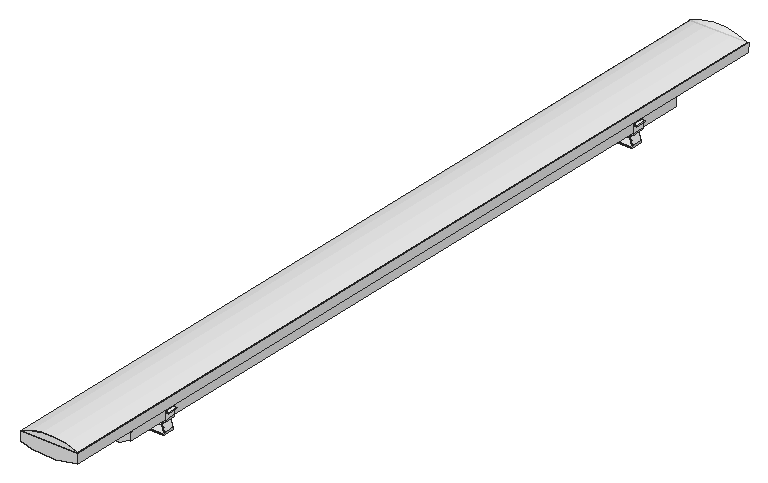
Revit family "Lighting-Industriale-GEWISS-SMART[3]PLUS-PLAFONIERA-LED_TRANSPARENTE_FASCIOMEDIO_1600mm", category Apparecchi per illuminazione, host Superficie, Revit 2019
Family settings
  Host = Superficie
  Quota connettore circolare = Usa diametro
  Tipo di parte = Normale
  Taglio con vuoti quando caricato = No
  Sorgente d'illuminazione = Sì
  Condiviso = No
  Punto di calcolo locali = No
Parameters (values of type "GWS3323AC957 - SMART3 PLUS 1600 T.W.DALI HE CONC 9 57")
  Wattage = 27 W
  Visibilità simbolo [instance] = yes
  Visibilità pianta [instance] = not(Visibilità simbolo)  # no
  Visibilità etichetta [instance] = yes
  Versione file RFA = "20.0"
  Variazione temperatura colore lampada con luminosità attenuata = (empty or 0)
  URL = "https://www.gewiss.com/it/it"
  Tipologia sorgente luminosa = "LED - Non sostituibile"
  Tipologia = "DALI"
  Tipo alimentatore = ""
  Tensione = "220-240 V "
  Temperatura di utilizzo = "-25 +50 °C"
  Temperatura di funzionamento = "-25 +50 °C"
  Temperatura di colore: = "5700 K (CRI > 90)"
  Temperatura di colore = "5700 K (CRI > 90)"
  Schermo = "Trasparente"
  Scheda Tecnica = "https://www.gewiss.com/it/it/search?q=GWS3323AC957"
  SEO = "Plafoniera"
  Resistenza agli urti = "IK08"
  Potenza di sistema = "50 W"
  Peso (kg): = ""
  NÂ° LED (#) = ""
  Numero poli = 2
  built-in parameter 1150107 = 5700 (stored number, unit not read)
  Struttura = GRIGIO
  Stampa 1_200 = no
  Stampa 1_100 = not(Stampa 1_200)  # yes
  Spostamento_Y_etichetta [instance] = 0 mm
  Spostamento_Y_effettivo_etichetta [instance] = 1500 mm - Spostamento_Y_etichetta  # 1500 mm
  Spostamento_X_etichetta [instance] = 0 mm
  Spostamento_X_effettivo_etichetta [instance] = 1500 mm - Spostamento_X_etichetta  # 1500 mm
  Schermo. = Led Acceso
  Default Elevation = 1219.2 mm
  Produttore = "GEWISS S.p.A."
  built-in parameter 1150110 = 1 (stored number, unit not read)
  built-in parameter 1150109 = 1 (stored number, unit not read)
  built-in parameter 1114218 = 1 (stored number, unit not read)
  built-in parameter 1150112 = 1 (stored number, unit not read)
  Modello = "GWS3323AC957"
  built-in parameter 1150137 = (empty or 0)
  built-in parameter 1150132 = (empty or 0)
  Lunghezza Lampada = 1600 mm  # constant formula
  Lunghezza = "1600 mm"
  Lumen output (lm) = "5600"
  Lampada: = "LED"
  Lampada = "LED"
  LED LifeTime (L80B20) = ""
  LED Life time (L90B50) = ""
  LED Life time (L80B50) = ""
  LED Life time (L70) = ""
  built-in parameter 1150105 = 1406.7 (stored number, unit not read)
  built-in parameter 1150102 = (empty or 0)
  Type Image = GWS3280TS.jpg
  built-in parameter 1150106 = 14.067 (stored number, unit not read)
  IFC.TypeObject = ""
  IFC.ExportType = ""
  IFC.ExportAs = ""
  IDT = "fe96ae85-68db-4e0d-8c9b-145f0d7eb605"
  IDF = "b404d7be-e00a-44e9-bc86-c84b1d72c067"
  Grado di protezione = "IP66/IP69"
  Glow Wire Test = "850°C"
  Garanzia = "5 anni"
  Ganci = Alluminio
  Flusso nominale (lm) = ""
  Lumens = 4010.63 lm
  Color Filter = 16777215
  File diagramma fotometrico = "GWS3323AC957.IES"
  built-in parameter 1114217 = 1 (stored number, unit not read)
  built-in parameter 1150139 = (empty or 0)
  Failure rate apparecchio (50.000h, Tq=25Â° C) = ""
  Failure rate apparecchio (35.000h, Tq=35Â° C) = ""
  Emetti da lunghezza linea = 1200 mm
  built-in parameter 1150104 = 13.8 (stored number, unit not read)
  built-in parameter 1150115 = 1 (stored number, unit not read)
  built-in parameter 1150114 = 1 (stored number, unit not read)
  built-in parameter 1150113 = 1 (stored number, unit not read)
  Descrizione = "SMART3 PLUS 1600 T.W.DALI HE CONC 9 57"
  Creato da GEWISS S.p.A. = ""
  Commenti sul wattaggio = "67W"
  built-in parameter 1150134 = (empty or 0)
  built-in parameter 1150138 = (empty or 0)
  Codice Electrocod = "2434"
  Codice EAN = ""
  Classe isolamento = "II"
  Classe di efficienza LED integrati = "A ÷ A++"
  Catalogo Serie = "SMART[3] PLUS"
  Catalogo = "LIGHTING"
  Carico apparente = 67 VA
  COBie.Tagnumber = ""
  COBie.CreatedOn = ""
  COBie.CreatebBy = ""
  COBie.ComponentRegisterItemID = ""
  COBie.Component.TagNumber = ""
  COBie.Component.Space = ""
  COBie.Component.SerialNumber = ""
  COBie.Component.InstallationDate = ""
  COBie.Component.Description = ""
  COBie.Component.BarCode = ""
  Applicazione = "Interno"
  Apparecchio a ridotta temperatura superficiale = ""
  Tilt Angle = -90.00°
  built-in parameter 1150133 = 10 (stored number, unit not read)
Types (24, lengths in mm): name | Tipologia | Temperatura di colore: | Temperatura di colore | Scheda Tecnica | Potenza di sistema | Modello | Lumen output (lm) | Type Image | IDT | File diagramma fotometrico | Descrizione | Commenti sul wattaggio | Carico apparente
  GWS3320AC840 - SMART3 PLUS 1600 ON/OFF HE CONC 8 40 | "" | "4000 K (CRI > 80)" | "4000 K (CRI > 80)" | "https://www.gewiss.com/it/it/search?q=GWS3320AC840" | "46 W" | "GWS3320AC840" | "7100" | GWS3158T.jpg | "4e16074b-60fb-4690-891f-0d0e9b82759d" | "GWS3320AC840.IES" | "SMART3 PLUS 1600 ON/OFF HE CONC 8 40" | "26W" | 26 VA
  GWS3320AC857 - SMART3 PLUS 1600 ON/OFF HE CONC 8 57 | "" | "5700 K (CRI > 80)" | "5700 K (CRI > 80)" | "https://www.gewiss.com/it/it/search?q=GWS3320AC857" | "46 W" | "GWS3320AC857" | "7100" | GWS3158T30K.jpg | "1bf7ec6a-44c7-4c5d-ba53-e58595a32ed7" | "GWS3320AC857.IES" | "SMART3 PLUS 1600 ON/OFF HE CONC 8 57" | "26W" | 26 VA
  GWS3320AC930 - SMART3 PLUS 1600 ON/OFF HE CONC 9 30 | "" | "3000 K (CRI > 90)" | "3000 K (CRI > 90)" | "https://www.gewiss.com/it/it/search?q=GWS3320AC930" | "46 W" | "GWS3320AC930" | "5200" | GWS3158T57K.jpg | "23f2d587-7158-4430-a323-84fc0576cf1a" | "GWS3320AC930.IES" | "SMART3 PLUS 1600 ON/OFF HE CONC 9 30" | "26W" | 26 VA
  GWS3321AC940 - SMART3 PLUS 1600 DALI HE CONC 9 40 | "DALI" | "4000 K (CRI > 90)" | "4000 K (CRI > 90)" | "https://www.gewiss.com/it/it/search?q=GWS3321AC940" | "50 W" | "GWS3321AC940" | "5600" | GWS3258T.jpg | "b3f93086-f2e0-4f74-b864-423c59267282" | "GWS3321AC940.IES" | "SMART3 PLUS 1600 DALI HE CONC 9 40" | "53W" | 53 VA
  GWS3321AC957 - SMART3 PLUS 1600 DALI HE CONC 9 57 | "DALI" | "5700 K (CRI > 90)" | "5700 K (CRI > 90)" | "https://www.gewiss.com/it/it/search?q=GWS3321AC957" | "50 W" | "GWS3321AC957" | "5600" | GWS3258T30K.jpg | "823e744c-6d69-4963-9b1a-c0a7402dbd61" | "GWS3321AC957.IES" | "SMART3 PLUS 1600 DALI HE CONC 9 57" | "53W" | 53 VA
  GWS3322AC830 - SMART3 PLUS 1600 T.W.ON/OFF HE CONC 8 30 | "" | "3000 K (CRI > 80)" | "3000 K (CRI > 80)" | "https://www.gewiss.com/it/it/search?q=GWS3322AC830" | "46 W" | "GWS3322AC830" | "6700" | GWS3258T57K.jpg | "1233350b-b1fb-4b20-afc7-75da49a887a7" | "GWS3322AC830.IES" | "SMART3 PLUS 1600 T.W.ON/OFF HE CONC 8 30" | "53W" | 53 VA
  GWS3320AC830 - SMART3 PLUS 1600 ON/OFF HE CONC 8 30 | "" | "3000 K (CRI > 80)" | "3000 K (CRI > 80)" | "https://www.gewiss.com/it/it/search?q=GWS3320AC830" | "46 W" | "GWS3320AC830" | "6700" | GWS3158TD30K.jpg | "f4536279-1bcf-4009-b004-c63c99821f52" | "GWS3320AC830.IES" | "SMART3 PLUS 1600 ON/OFF HE CONC 8 30" | "27W" | 27 VA
  GWS3320AC940 - SMART3 PLUS 1600 ON/OFF HE CONC 9 40 | "" | "4000 K (CRI > 90)" | "4000 K (CRI > 90)" | "https://www.gewiss.com/it/it/search?q=GWS3320AC940" | "46 W" | "GWS3320AC940" | "5600" | GWS3158TD57K.jpg | "98d6cfbe-c4a6-4467-b266-d8ce91186416" | "GWS3320AC940.IES" | "SMART3 PLUS 1600 ON/OFF HE CONC 9 40" | "27W" | 27 VA
  GWS3320AC957 - SMART3 PLUS 1600 ON/OFF HE CONC 9 57 | "" | "5700 K (CRI > 90)" | "5700 K (CRI > 90)" | "https://www.gewiss.com/it/it/search?q=GWS3320AC957" | "46 W" | "GWS3320AC957" | "5600" | GWS3158TL.jpg | "705f1d17-92fb-441e-82f4-367028547a17" | "GWS3320AC957.IES" | "SMART3 PLUS 1600 ON/OFF HE CONC 9 57" | "26W" | 26 VA
  GWS3321AC830 - SMART3 PLUS 1600 DALI HE CONC 8 30 | "DALI" | "3000 K (CRI > 80)" | "3000 K (CRI > 80)" | "https://www.gewiss.com/it/it/search?q=GWS3321AC830" | "50 W" | "GWS3321AC830" | "6700" | GWS3158TL30K.jpg | "30e943eb-e46e-49db-b2c9-d91c92d65eef" | "GWS3321AC830.IES" | "SMART3 PLUS 1600 DALI HE CONC 8 30" | "26W" | 26 VA
  GWS3321AC840 - SMART3 PLUS 1600 DALI HE CONC 8 40 | "DALI" | "4000 K (CRI > 80)" | "4000 K (CRI > 80)" | "https://www.gewiss.com/it/it/search?q=GWS3321AC840" | "50 W" | "GWS3321AC840" | "7100" | GWS3158TL57K.jpg | "f243e9e6-84c5-4744-819b-73345a161741" | "GWS3321AC840.IES" | "SMART3 PLUS 1600 DALI HE CONC 8 40" | "26W" | 26 VA
  GWS3321AC857 - SMART3 PLUS 1600 DALI HE CONC 8 57 | "DALI" | "5700 K (CRI > 80)" | "5700 K (CRI > 80)" | "https://www.gewiss.com/it/it/search?q=GWS3321AC857" | "50 W" | "GWS3321AC857" | "7100" | GWS3158TLD30K.jpg | "f6e276b5-1a50-4d90-8035-20a7eceaa9a5" | "GWS3321AC857.IES" | "SMART3 PLUS 1600 DALI HE CONC 8 57" | "27W" | 27 VA
  GWS3321AC930 - SMART3 PLUS 1600 DALI HE CONC 9 30 | "DALI" | "3000 K (CRI > 90)" | "3000 K (CRI > 90)" | "https://www.gewiss.com/it/it/search?q=GWS3321AC930" | "50 W" | "GWS3321AC930" | "5200" | GWS3158TLD57K.jpg | "f82b7efc-87bb-4fb3-bee2-7bb052999ee6" | "GWS3321AC930.IES" | "SMART3 PLUS 1600 DALI HE CONC 9 30" | "27W" | 27 VA
  GWS3322AC840 - SMART3 PLUS 1600 T.W.ON/OFF HE CONC 8 40 | "" | "4000 K (CRI > 80)" | "4000 K (CRI > 80)" | "https://www.gewiss.com/it/it/search?q=GWS3322AC840" | "46 W" | "GWS3322AC840" | "7100" | GWS3258TD.jpg | "be14488f-855e-4818-86ca-65e7f73571af" | "GWS3322AC840.IES" | "SMART3 PLUS 1600 T.W.ON/OFF HE CONC 8 40" | "55W" | 55 VA
  GWS3322AC857 - SMART3 PLUS 1600 T.W.ON/OFF HE CONC 8 57 | "" | "5700 K (CRI > 80)" | "5700 K (CRI > 80)" | "https://www.gewiss.com/it/it/search?q=GWS3322AC857" | "46 W" | "GWS3322AC857" | "7100" | GWS3258T30K.jpg | "9414476c-6529-4531-8c29-bc4b5b113ca3" | "GWS3322AC857.IES" | "SMART3 PLUS 1600 T.W.ON/OFF HE CONC 8 57" | "55W" | 55 VA
  GWS3322AC930 - SMART3 PLUS 1600 T.W.ON/OFF HE CONC 9 30 | "" | "3000 K (CRI > 90)" | "3000 K (CRI > 90)" | "https://www.gewiss.com/it/it/search?q=GWS3322AC930" | "46 W" | "GWS3322AC930" | "5200" | GWS3258TD57K.jpg | "c36ab153-bb7c-4d35-8056-4b9748bd378a" | "GWS3322AC930.IES" | "SMART3 PLUS 1600 T.W.ON/OFF HE CONC 9 30" | "55W" | 55 VA
  GWS3322AC940 - SMART3 PLUS 1600 T.W.ON/OFF HE CONC 9 40 | "" | "4000 K (CRI > 90)" | "4000 K (CRI > 90)" | "https://www.gewiss.com/it/it/search?q=GWS3322AC940" | "46 W" | "GWS3322AC940" | "5600" | GWS3258TL.jpg | "e207dd90-b96c-4722-bafa-51740af9791e" | "GWS3322AC940.IES" | "SMART3 PLUS 1600 T.W.ON/OFF HE CONC 9 40" | "53W" | 53 VA
  GWS3322AC957 - SMART3 PLUS 1600 T.W.ON/OFF HE CONC 9 57 | "" | "5700 K (CRI > 90)" | "5700 K (CRI > 90)" | "https://www.gewiss.com/it/it/search?q=GWS3322AC957" | "46 W" | "GWS3322AC957" | "5600" | GWS3258TL30K.jpg | "773f8e68-e5c0-40fc-bc8d-466515a8a829" | "GWS3322AC957.IES" | "SMART3 PLUS 1600 T.W.ON/OFF HE CONC 9 57" | "53W" | 53 VA
  GWS3323AC830 - SMART3 PLUS 1600 T.W.DALI HE CONC 8 30 | "DALI" | "3000 K (CRI > 80)" | "3000 K (CRI > 80)" | "https://www.gewiss.com/it/it/search?q=GWS3323AC830" | "50 W" | "GWS3323AC830" | "6700" | GWS3258TL57K.jpg | "62626453-421f-4449-b479-211cf15c01fc" | "GWS3323AC830.IES" | "SMART3 PLUS 1600 T.W.DALI HE CONC 8 30" | "53W" | 53 VA
  GWS3323AC840 - SMART3 PLUS 1600 T.W.DALI HE CONC 8 40 | "DALI" | "4000 K (CRI > 80)" | "4000 K (CRI > 80)" | "https://www.gewiss.com/it/it/search?q=GWS3323AC840" | "50 W" | "GWS3323AC840" | "7100" | GWS3258TLD.jpg | "0717f1f1-4297-4cd3-8cf5-39d9f5ccd41d" | "GWS3323AC840.IES" | "SMART3 PLUS 1600 T.W.DALI HE CONC 8 40" | "55W" | 55 VA
  GWS3323AC857 - SMART3 PLUS 1600 T.W.DALI HE CONC 8 57 | "DALI" | "5700 K (CRI > 80)" | "5700 K (CRI > 80)" | "https://www.gewiss.com/it/it/search?q=GWS3323AC857" | "50 W" | "GWS3323AC857" | "7100" | GWS3258TLD30K.jpg | "d92ed2e6-739f-4b50-8fb0-7e942a6f287a" | "GWS3323AC857.IES" | "SMART3 PLUS 1600 T.W.DALI HE CONC 8 57" | "55W" | 55 VA
  GWS3323AC930 - SMART3 PLUS 1600 T.W.DALI HE CONC 9 30 | "DALI" | "3000 K (CRI > 90)" | "3000 K (CRI > 90)" | "https://www.gewiss.com/it/it/search?q=GWS3323AC930" | "50 W" | "GWS3323AC930" | "5200" | GWS3258TLD57K.jpg | "cd2abaf8-a74e-41aa-952f-931abff1497a" | "GWS3323AC930.IES" | "SMART3 PLUS 1600 T.W.DALI HE CONC 9 30" | "55W" | 55 VA
  GWS3323AC957 - SMART3 PLUS 1600 T.W.DALI HE CONC 9 57 | "DALI" | "5700 K (CRI > 90)" | "5700 K (CRI > 90)" | "https://www.gewiss.com/it/it/search?q=GWS3323AC957" | "50 W" | "GWS3323AC957" | "5600" | GWS3280TS.jpg | "fe96ae85-68db-4e0d-8c9b-145f0d7eb605" | "GWS3323AC957.IES" | "SMART3 PLUS 1600 T.W.DALI HE CONC 9 57" | "67W" | 67 VA
  GWS3323AC940 - SMART3 PLUS 1600 T.W.DALI HE CONC 9 40 | "DALI" | "4000 K (CRI > 90)" | "4000 K (CRI > 90)" | "https://www.gewiss.com/it/it/search?q=GWS3323AC940" | "50 W" | "GWS3323AC940" | "5600" | GWS3280TLS.jpg | "114261b1-8064-41c7-9b2b-b83ab15bb760" | "GWS3323AC940.IES" | "SMART3 PLUS 1600 T.W.DALI HE CONC 9 40" | "67W" | 67 VA
Reference planes
  plane 1 "Centro (Fronte/Retro)": y = 0
  plane 2: z = 0
  plane 3 "Centro (Sinistra/Destra)": x = 0
  plane 4: x = -1500
  plane 5: y = -1500
  plane 6: x = 0
  plane 7: y = 0
Forms (mm)
  Extrusion 1, solid, material "Alluminio" <- "Ganci", detail levels medium+fine
    sketch origin (0, 0, 0) x (1, 0, 0) y (0, 0, 1)
      loop
        arc (31.431, -0.002) -> (34.576, 1.589) -> (35.156, 5.066) r 3.903
        line (35.156, 5.066) -> (29.612, 23.211)
        arc (29.612, 23.211) -> (29.883, 24.381) -> (31.032, 24.73) r 1.2
        line (31.032, 24.73) -> (34.307, 23.974)
        arc (34.307, 23.974) -> (36.765, 24.53) -> (37.859, 26.8) r 2.9
        line (37.859, 26.8) -> (37.859, 38.8)
        arc (37.859, 38.8) -> (37.648, 39.694) -> (37.059, 40.4) r 2
        line (37.059, 40.4) -> (37.059, 42.71) -> (42.861, 40.598) -> (43.203, 41.538) -> (37.53, 43.603)
        arc (37.53, 43.603) -> (37.019, 43.613) -> (36.605, 43.311) r 0.8
        line (36.605, 43.311) -> (36.306, 26.139)
        arc (36.306, 26.139) -> (35.6, 25.444) -> (34.616, 25.34) r 1.5
        line (34.616, 25.34) -> (31.344, 26.095)
        arc (31.344, 26.095) -> (28.858, 25.335) -> (28.273, 22.802) r 2.6
        line (28.273, 22.802) -> (33.827, 4.636)
        arc (33.827, 4.636) -> (33.449, 2.415) -> (31.438, 1.4) r 2.5
        line (31.438, 1.4) -> (-31.437, 1.4)
        arc (-31.437, 1.4) -> (-33.449, 2.415) -> (-33.827, 4.636) r 2.5
        line (-33.827, 4.636) -> (-28.273, 22.802)
        arc (-28.273, 22.802) -> (-28.858, 25.335) -> (-31.344, 26.095) r 2.6
        line (-31.344, 26.095) -> (-34.616, 25.34)
        arc (-34.616, 25.34) -> (-35.6, 25.444) -> (-36.306, 26.139) r 1.5
        line (-36.306, 26.139) -> (-36.605, 43.311)
        arc (-36.605, 43.311) -> (-37.019, 43.613) -> (-37.53, 43.603) r 0.8
        line (-37.53, 43.603) -> (-43.203, 41.538) -> (-42.861, 40.598) -> (-37.059, 42.71) -> (-37.059, 40.4)
        arc (-37.059, 40.4) -> (-37.648, 39.694) -> (-37.859, 38.8) r 2
        line (-37.859, 38.8) -> (-37.859, 26.8)
        arc (-37.859, 26.8) -> (-36.765, 24.53) -> (-34.307, 23.974) r 2.9
        line (-34.307, 23.974) -> (-31.032, 24.73)
        arc (-31.032, 24.73) -> (-29.883, 24.381) -> (-29.612, 23.211) r 1.2
        line (-29.612, 23.211) -> (-35.156, 5.066)
        arc (-35.156, 5.066) -> (-34.576, 1.589) -> (-31.431, -0.002) r 3.903
        line (-31.431, -0.002) -> (31.431, -0.002)
    from 548.766 to 568.766
  Extrusion 2, solid, material "Alluminio" <- "Ganci", detail levels medium+fine
    sketch origin (0, 0, 0) x (1, 0, 0) y (0, 0, -1)
      loop
        line (31.431, 0.002) -> (-31.431, 0.002)
        arc (-31.431, 0.002) -> (-34.576, -1.589) -> (-35.156, -5.066) r 3.903
        line (-35.156, -5.066) -> (-29.612, -23.211)
        arc (-29.612, -23.211) -> (-29.883, -24.381) -> (-31.032, -24.73) r 1.2
        line (-31.032, -24.73) -> (-34.307, -23.974)
        arc (-34.307, -23.974) -> (-36.765, -24.53) -> (-37.859, -26.8) r 2.9
        line (-37.859, -26.8) -> (-37.859, -38.8)
        arc (-37.859, -38.8) -> (-37.648, -39.694) -> (-37.059, -40.4) r 2
        line (-37.059, -40.4) -> (-37.059, -42.71) -> (-42.861, -40.598) -> (-43.203, -41.538) -> (-37.53, -43.603)
        arc (-37.53, -43.603) -> (-37.019, -43.613) -> (-36.605, -43.311) r 0.8
        line (-36.605, -43.311) -> (-36.306, -26.139)
        arc (-36.306, -26.139) -> (-35.6, -25.444) -> (-34.616, -25.34) r 1.5
        line (-34.616, -25.34) -> (-31.344, -26.095)
        arc (-31.344, -26.095) -> (-28.858, -25.335) -> (-28.273, -22.802) r 2.6
        line (-28.273, -22.802) -> (-33.827, -4.636)
        arc (-33.827, -4.636) -> (-33.449, -2.415) -> (-31.437, -1.4) r 2.5
        line (-31.437, -1.4) -> (31.438, -1.4)
        arc (31.438, -1.4) -> (33.449, -2.415) -> (33.827, -4.636) r 2.5
        line (33.827, -4.636) -> (28.273, -22.802)
        arc (28.273, -22.802) -> (28.858, -25.335) -> (31.344, -26.095) r 2.6
        line (31.344, -26.095) -> (34.616, -25.34)
        arc (34.616, -25.34) -> (35.6, -25.444) -> (36.306, -26.139) r 1.5
        line (36.306, -26.139) -> (36.605, -43.311)
        arc (36.605, -43.311) -> (37.019, -43.613) -> (37.53, -43.603) r 0.8
        line (37.53, -43.603) -> (43.203, -41.538) -> (42.861, -40.598) -> (37.059, -42.71) -> (37.059, -40.4)
        arc (37.059, -40.4) -> (37.648, -39.694) -> (37.859, -38.8) r 2
        line (37.859, -38.8) -> (37.859, -26.8)
        arc (37.859, -26.8) -> (36.765, -24.53) -> (34.307, -23.974) r 2.9
        line (34.307, -23.974) -> (31.032, -24.73)
        arc (31.032, -24.73) -> (29.883, -24.381) -> (29.612, -23.211) r 1.2
        line (29.612, -23.211) -> (35.156, -5.066)
        arc (35.156, -5.066) -> (34.576, -1.589) -> (31.431, 0.002) r 3.903
    from 548.766 to 568.766
  Extrusion 3, solid, material "GRIGIO" <- "Struttura", detail levels medium+fine
    sketch origin (0, 0, 0) x (1, 0, 0) y (0, 0, 1)
      loop
        line (-36.331, 55.757) -> (-35.847, 28.018)
        arc (-35.847, 28.018) -> (-33.139, 27.27) -> (-30.416, 26.58) r 129.5
        arc (-30.416, 26.58) -> (-28.066, 25.76) -> (-25.915, 24.506) r 13
        arc (-25.915, 24.506) -> (-24.23, 23.324) -> (-22.521, 22.178) r 99.5
        arc (-22.521, 22.178) -> (-16.401, 19.063) -> (-9.748, 17.365) r 31.146
        line (-9.748, 17.365) -> (12.491, 17.365)
        arc (12.491, 17.365) -> (17.822, 19.098) -> (22.764, 21.745) r 31.646
        arc (22.764, 21.745) -> (24.509, 22.915) -> (26.228, 24.122) r 100
        arc (26.228, 24.122) -> (28.283, 25.313) -> (30.525, 26.095) r 12.5
        arc (30.525, 26.095) -> (33.437, 26.834) -> (36.332, 27.64) r 130
        line (36.332, 27.64) -> (36.824, 55.851)
        arc (36.824, 55.851) -> (24.914, 53.937) -> (12.909, 52.764) r 195.047
        line (12.909, 52.764) -> (-12.909, 52.764)
        arc (-12.909, 52.764) -> (-24.665, 53.905) -> (-36.331, 55.757) r 195.047
    from -650 to 650
  Extrusion 4, solid, material "GRIGIO" <- "Struttura", detail levels medium+fine
    sketch origin (0, 0, 0) x (1, 0, 0) y (0, 0, 1)
      loop
        line (54.725, 60.184) -> (55.177, 77.445) -> (-55.177, 77.445) -> (-54.725, 60.184)
        arc (-54.725, 60.184) -> (-34.019, 55.332) -> (-12.909, 52.764) r 195.047
        line (-12.909, 52.764) -> (12.909, 52.764)
        arc (12.909, 52.764) -> (34.019, 55.332) -> (54.725, 60.184) r 195.047
    from -800 to 800
  Extrusion 5, solid, material "Led Acceso" <- "Schermo.", detail levels medium+fine
    sketch origin (0, 0, 0) x (1, 0, 0) y (0, 0, 1)
      loop
        arc (54.697, 78.441) -> (-0.014, 90.457) -> (-54.723, 78.429) r 130.5
        arc (-54.723, 78.429) -> (-54.988, 77.838) -> (-54.5, 77.445) r 0.5
        line (-54.5, 77.445) -> (54.479, 77.445)
        arc (54.479, 77.445) -> (54.988, 77.855) -> (54.697, 78.441) r 0.522
    from -800 to 800
  Extrusion 6, solid, material "GRIGIO" <- "Struttura", detail levels coarse
    sketch origin (0, 0, 0) x (1, 0, 0) y (0, 0, 1)
      loop
        line (-54.5, 90.439) -> (-54.5, 0) -> (54.5, 0) -> (54.5, 90.439) -> (-54.5, 90.439)
    from -800 to 800
Lines and regions (mm)
  Masking region 1, visible <- "Visibilità pianta"
    outline origin (0, 0, 0) x (1, 0, 0) y (0, 1, 0)
      loop
        line (-55.177, 800) -> (-55.177, -800) -> (55.177, -800) -> (55.177, 800) -> (-55.177, 800)
  model lines, style "GEWISS - LIGHT 2D", not visible, detail levels medium+fine
    curve 1: arc (599.156, 237.359, 0) -> (604.568, 231.947, 0) -> (609.98, 237.359, 0) r 5.412
    curve 6: arc (581.804, 237.359, 0) -> (582.83, 230.601, 0) -> (585.816, 224.453, 0) r 22.764
    curve 7: arc (623.32, 224.453, 0) -> (626.306, 230.601, 0) -> (627.332, 237.359, 0) r 22.764
    curve 8: arc (609.98, -154.35, 0) -> (604.568, -148.937, 0) -> (599.156, -154.35, 0) r 5.412
    curve 14: arc (585.816, -141.444, 0) -> (582.83, -147.592, 0) -> (581.804, -154.35, 0) r 22.764
    curve 15: arc (627.332, -154.35, 0) -> (626.306, -147.592, 0) -> (623.32, -141.444, 0) r 22.764
    curve 22: line (581.804, 248.502, 0) -> (581.804, 237.359, 0)
    curve 23: line (581.804, 237.359, 0) -> (599.156, 237.359, 0)
    curve 24: line (599.156, 237.359, 0) -> (599.156, 248.502, 0)
    curve 25: line (599.156, 256.809, 0) -> (599.156, 262.193, 0)
    curve 26: line (609.98, 248.502, 0) -> (609.98, 237.359, 0)
    curve 27: line (609.98, 237.359, 0) -> (627.332, 237.359, 0)
    curve 28: line (627.332, 237.359, 0) -> (627.332, 248.502, 0)
    curve 39: line (581.804, -154.35, 0) -> (581.804, -165.498, 0)
    curve 40: line (581.804, -165.498, 0) -> (581.804, -154.35, 0)
    curve 41: line (581.804, -154.35, 0) -> (599.156, -154.35, 0)
    curve 42: line (599.156, -154.35, 0) -> (599.156, -165.498, 0)
    curve 43: line (609.98, -165.498, 0) -> (609.98, -154.35, 0)
    curve 44: line (609.98, -154.35, 0) -> (627.332, -154.35, 0)
    curve 45: line (627.332, -154.35, 0) -> (627.332, -165.498, 0)
    curve 46: line (627.332, -165.498, 0) -> (627.332, -154.35, 0)
    curve 47: line (609.98, -179.249, 0) -> (609.98, -173.749, 0)
    curve 50: line (599.156, -179.191, 0) -> (599.156, -173.807, 0)
    curve 94: circle (617.836, 259.501, 0) r 1.5 normal (0, 0, 1)
    curve 95: circle (591.836, 259.501, 0) r 1.5 normal (0, 0, 1)
    curve 96: arc (610.218, 256.751, 0) -> (612.968, 259.501, 0) -> (610.218, 262.251, 0) r 2.75
    curve 97: arc (599.718, 262.251, 0) -> (596.968, 259.501, 0) -> (599.718, 256.751, 0) r 2.75
    curve 102: circle (617.836, -176.499, 0) r 1.5 normal (0, 0, 1)
    curve 103: circle (591.836, -176.499, 0) r 1.5 normal (0, 0, 1)
    curve 104: arc (610.218, -179.249, 0) -> (612.968, -176.499, 0) -> (610.218, -173.749, 0) r 2.75
    curve 105: arc (599.718, -173.749, 0) -> (596.968, -176.499, 0) -> (599.718, -179.249, 0) r 2.75
    curve 184: line (599.718, 262.251, 0) -> (610.218, 262.251, 0)
    curve 185: line (599.718, 256.751, 0) -> (610.218, 256.751, 0)
    curve 194: line (599.718, -173.749, 0) -> (610.218, -173.749, 0)
    curve 195: line (599.718, -179.249, 0) -> (610.218, -179.249, 0)
    curve 214: line (604.568, 230.323, 0) -> (604.568, 244.394, 0)
    curve 215: line (611.603, 237.359, 0) -> (597.532, 237.359, 0)
    curve 216: line (604.568, -161.385, 0) -> (604.568, -147.314, 0)
    curve 217: line (611.603, -154.35, 0) -> (597.532, -154.35, 0)
    curve 223: line (617.836, 257.551, 0) -> (617.836, 261.451, 0)
    curve 224: line (619.786, 259.501, 0) -> (615.886, 259.501, 0)
    curve 225: line (591.836, 257.551, 0) -> (591.836, 261.451, 0)
    curve 226: line (593.786, 259.501, 0) -> (589.886, 259.501, 0)
    curve 227: line (603.293, 259.501, 0) -> (596.143, 259.501, 0)
    curve 228: line (610.218, 255.926, 0) -> (610.218, 263.076, 0)
    curve 229: line (613.793, 259.501, 0) -> (606.643, 259.501, 0)
    curve 230: line (617.836, -178.449, 0) -> (617.836, -174.549, 0)
    curve 231: line (619.786, -176.499, 0) -> (615.886, -176.499, 0)
    curve 232: line (591.836, -178.449, 0) -> (591.836, -174.549, 0)
    curve 233: line (593.786, -176.499, 0) -> (589.886, -176.499, 0)
    curve 234: line (599.718, -180.074, 0) -> (599.718, -172.924, 0)
    curve 235: line (603.293, -176.499, 0) -> (596.143, -176.499, 0)
    curve 236: line (610.218, -180.074, 0) -> (610.218, -172.924, 0)
    curve 237: line (613.793, -176.499, 0) -> (606.643, -176.499, 0)
    curve 238: arc (585.816, 224.453, 0) -> (604.568, 218.168, 0) -> (623.32, 224.453, 0) r 31.118
    curve 239: arc (623.32, -141.444, 0) -> (604.568, -135.159, 0) -> (585.816, -141.444, 0) r 31.118
  model lines, style "GEWISS - LIGHT 2D", not visible
    curve 2: arc (642.177, 315.223, 0) -> (641.755, 316.267, 0) -> (640.725, 316.723, 0) r 1.499
    curve 3: arc (640.726, -233.714, 0) -> (641.755, -233.258, 0) -> (642.177, -232.214, 0) r 1.499
    curve 4: arc (568.41, 316.723, 0) -> (567.381, 316.267, 0) -> (566.959, 315.223, 0) r 1.499
    curve 5: arc (566.959, -232.214, 0) -> (567.38, -233.258, 0) -> (568.409, -233.714, 0) r 1.499
    curve 16: line (568.41, 316.723, 0) -> (592.409, 317.119, 0)
    curve 17: line (592.409, 317.119, 0) -> (595.819, 317.196, 0)
    curve 18: line (595.819, 317.196, 0) -> (604.587, 317.348, 0)
    curve 19: line (604.587, 317.348, 0) -> (613.319, 317.196, 0)
    curve 20: line (613.319, 317.196, 0) -> (616.729, 317.119, 0)
    curve 21: line (616.729, 317.119, 0) -> (640.725, 316.723, 0)
    curve 29: line (568.409, -233.714, 0) -> (604.582, -234.348, 0)
    curve 30: line (604.582, -234.348, 0) -> (640.726, -233.714, 0)
    curve 31: line (642.177, -187.498, 0) -> (642.177, -232.214, 0)
    curve 32: line (642.177, 248.502, 0) -> (642.177, -165.498, 0)
    curve 33: line (642.177, 315.223, 0) -> (642.177, 270.502, 0)
    curve 34: line (566.959, 315.223, 0) -> (566.959, 270.502, 0)
    curve 35: line (566.959, 248.502, 0) -> (566.959, -165.498, 0)
    curve 36: line (566.959, -187.498, 0) -> (566.959, -232.214, 0)
    curve 37: line (604.549, -234.347, 0) -> (604.569, -233.348, 0)
    curve 38: line (604.569, -233.348, 0) -> (604.549, -234.347, 0)
    curve 48: line (609.989, -233.253, 0) -> (609.98, -232.753, 0)
    curve 49: line (609.98, -232.753, 0) -> (609.98, -187.498, 0)
    curve 51: line (599.147, -233.253, 0) -> (599.156, -232.753, 0)
    curve 52: line (599.156, -232.753, 0) -> (599.156, -187.498, 0)
    curve 53: line (604.568, -232.848, 0) -> (604.569, -233.348, 0)
    curve 54: line (604.569, -233.348, 0) -> (604.568, -232.848, 0)
    curve 69: arc (658.224, 441.447, 0) -> (657.902, 441.529, 0) -> (657.571, 441.558, 0) r 1.999
    curve 71: arc (659.744, 439.503, 0) -> (659.172, 440.906, 0) -> (657.781, 441.505, 0) r 1.998
    curve 72: arc (549.391, -356.494, 0) -> (549.963, -357.897, 0) -> (551.356, -358.495, 0) r 1.998
    curve 98: spline (648.539, 268.506, 0) -> (648.523, 268.767, 0) -> (648.475, 269.023, 0) -> (648.396, 269.27, 0) -> (648.287, 269.504, 0) -> (648.151, 269.721, 0) -> (647.989, 269.918, 0) -> (647.804, 270.09, 0) -> (647.599, 270.235, 0) -> (647.379, 270.35, 0) -> (647.146, 270.434, 0) -> (646.905, 270.485, 0) -> (646.66, 270.502, 0)
    curve 99: spline (646.66, 248.502, 0) -> (646.905, 248.519, 0) -> (647.146, 248.57, 0) -> (647.379, 248.654, 0) -> (647.599, 248.77, 0) -> (647.804, 248.916, 0) -> (647.989, 249.089, 0) -> (648.151, 249.286, 0) -> (648.287, 249.504, 0) -> (648.396, 249.739, 0) -> (648.475, 249.987, 0) -> (648.523, 250.245, 0) -> (648.539, 250.506, 0)
    curve 100: spline (561.397, 250.501, 0) -> (561.413, 250.24, 0) -> (561.461, 249.984, 0) -> (561.54, 249.736, 0) -> (561.648, 249.502, 0) -> (561.785, 249.284, 0) -> (561.947, 249.087, 0) -> (562.132, 248.915, 0) -> (562.336, 248.77, 0) -> (562.557, 248.654, 0) -> (562.79, 248.57, 0) -> (563.031, 248.519, 0) -> (563.276, 248.502, 0)
    curve 101: spline (563.276, 270.502, 0) -> (563.031, 270.485, 0) -> (562.79, 270.434, 0) -> (562.557, 270.35, 0) -> (562.336, 270.234, 0) -> (562.132, 270.089, 0) -> (561.947, 269.916, 0) -> (561.785, 269.72, 0) -> (561.648, 269.502, 0) -> (561.54, 269.267, 0) -> (561.461, 269.019, 0) -> (561.413, 268.763, 0) -> (561.397, 268.502, 0)
    curve 106: spline (648.539, -167.494, 0) -> (648.523, -167.233, 0) -> (648.475, -166.977, 0) -> (648.396, -166.73, 0) -> (648.287, -166.496, 0) -> (648.151, -166.279, 0) -> (647.989, -166.083, 0) -> (647.804, -165.911, 0) -> (647.599, -165.766, 0) -> (647.379, -165.65, 0) -> (647.146, -165.566, 0) -> (646.905, -165.515, 0) -> (646.66, -165.498, 0)
    curve 107: spline (646.66, -187.498, 0) -> (646.905, -187.481, 0) -> (647.146, -187.43, 0) -> (647.379, -187.346, 0) -> (647.599, -187.23, 0) -> (647.804, -187.084, 0) -> (647.989, -186.911, 0) -> (648.151, -186.714, 0) -> (648.287, -186.496, 0) -> (648.396, -186.261, 0) -> (648.475, -186.012, 0) -> (648.523, -185.755, 0) -> (648.539, -185.494, 0)
    curve 108: spline (561.397, -185.499, 0) -> (561.413, -185.76, 0) -> (561.461, -186.016, 0) -> (561.54, -186.264, 0) -> (561.648, -186.498, 0) -> (561.785, -186.716, 0) -> (561.947, -186.912, 0) -> (562.132, -187.085, 0) -> (562.336, -187.23, 0) -> (562.557, -187.346, 0) -> (562.79, -187.43, 0) -> (563.031, -187.481, 0) -> (563.276, -187.498, 0)
    curve 109: spline (563.276, -165.498, 0) -> (563.031, -165.516, 0) -> (562.79, -165.567, 0) -> (562.557, -165.651, 0) -> (562.336, -165.766, 0) -> (562.132, -165.912, 0) -> (561.947, -166.084, 0) -> (561.785, -166.281, 0) -> (561.648, -166.499, 0) -> (561.54, -166.733, 0) -> (561.461, -166.981, 0) -> (561.413, -167.238, 0) -> (561.397, -167.499, 0)
    curve 110: arc (657.245, -358.546, 0) -> (659.012, -357.814, 0) -> (659.745, -356.046, 0) r 2.5
    curve 111: arc (551.891, 441.558, 0) -> (550.123, 440.825, 0) -> (549.391, 439.058, 0) r 2.5
    curve 142: line (657.571, 441.558, 0) -> (604.567, 441.558, 0)
    curve 143: line (604.567, 441.558, 0) -> (551.891, 441.558, 0)
    curve 144: line (551.356, -358.495, 0) -> (604.568, -358.495, 0)
    curve 145: line (604.568, -358.495, 0) -> (657.245, -358.495, 0)
    curve 157: line (599.147, -233.253, 0) -> (604.569, -233.348, 0)
    curve 158: line (604.569, -233.348, 0) -> (609.989, -233.253, 0)
    curve 159: line (659.745, -356.046, 0) -> (659.745, 439.503, 0)
    curve 160: line (657.781, 441.505, 0) -> (604.567, 441.505, 0)
    curve 161: line (549.391, -356.494, 0) -> (549.391, 439.058, 0)
    curve 186: line (642.696, 270.501, 0) -> (642.427, 270.501, 0)
    curve 187: line (563.481, 270.502, 0) -> (563.276, 270.502, 0)
    curve 188: line (563.276, 270.502, 0) -> (646.454, 270.502, 0)
    curve 189: line (646.454, 270.502, 0) -> (646.66, 270.502, 0)
    curve 190: line (563.481, 248.502, 0) -> (563.276, 248.502, 0)
    curve 191: line (646.454, 248.502, 0) -> (646.66, 248.502, 0)
    curve 192: line (648.539, 250.506, 0) -> (648.539, 268.506, 0)
    curve 193: line (561.397, 250.501, 0) -> (561.397, 268.501, 0)
    curve 196: line (646.66, -165.498, 0) -> (646.454, -165.498, 0)
    curve 197: line (646.454, -165.498, 0) -> (642.696, -165.498, 0)
    curve 198: line (642.696, -165.498, 0) -> (642.427, -165.498, 0)
    curve 199: line (642.427, -165.498, 0) -> (639.905, -165.498, 0)
    curve 200: line (639.905, -165.498, 0) -> (636.805, -165.498, 0)
    curve 201: line (636.805, -165.498, 0) -> (573.13, -165.498, 0)
    curve 202: line (573.13, -165.498, 0) -> (570.031, -165.498, 0)
    curve 203: line (570.031, -165.498, 0) -> (567.508, -165.498, 0)
    curve 204: line (567.508, -165.498, 0) -> (567.24, -165.498, 0)
    curve 205: line (567.24, -165.498, 0) -> (563.481, -165.498, 0)
    curve 206: line (563.481, -165.498, 0) -> (563.276, -165.498, 0)
    curve 207: line (563.276, -187.498, 0) -> (563.481, -187.498, 0)
    curve 208: line (563.481, -187.498, 0) -> (646.454, -187.498, 0)
    curve 209: line (646.454, -187.498, 0) -> (646.66, -187.498, 0)
    curve 210: line (642.696, -187.499, 0) -> (642.427, -187.499, 0)
    curve 211: line (648.539, -185.494, 0) -> (648.539, -167.494, 0)
    curve 212: line (561.397, -185.499, 0) -> (561.397, -167.499, 0)
    curve 219: line (604.569, 276.529, 0) -> (604.569, -193.52, 0)
    curve 240: line (646.454, 248.502, 0) -> (563.276, 248.502, 0)
  model lines, style "GEWISS - LIGHT 2D", not visible, detail levels fine
    curve 9: arc (621.884, 350.407, 0) -> (621.798, 350.225, 0) -> (621.768, 350.027, 0) r 0.678
    curve 10: arc (622.621, 351.453, 0) -> (622.246, 350.935, 0) -> (621.884, 350.407, 0) r 25.107
    curve 11: arc (623.611, 352.703, 0) -> (623.106, 352.086, 0) -> (622.621, 351.453, 0) r 25.491
    curve 12: arc (626.634, 356.042, 0) -> (625.055, 354.434, 0) -> (623.611, 352.703, 0) r 27.8
    curve 13: arc (628.933, 357.976, 0) -> (627.762, 357.034, 0) -> (626.634, 356.042, 0) r 34.286
    curve 55: line (595.819, 317.196, 0) -> (595.819, 331.194, 0)
    curve 56: line (595.819, 331.194, 0) -> (595.823, 331.698, 0)
    curve 57: line (613.319, 317.196, 0) -> (613.319, 331.194, 0)
    curve 58: line (613.319, 331.194, 0) -> (613.315, 331.698, 0)
    curve 59: line (601.188, 333.427, 0) -> (595.819, 333.381, 0)
    curve 60: line (595.819, 333.381, 0) -> (592.551, 333.351, 0)
    curve 61: line (621.768, 349.976, 0) -> (621.768, 349.703, 0)
    curve 62: line (618.568, 339.703, 0) -> (618.568, 340.003, 0)
    curve 63: line (618.568, 340.003, 0) -> (618.568, 349.403, 0)
    curve 64: line (618.568, 349.403, 0) -> (618.568, 349.703, 0)
    curve 65: line (626.634, 356.042, 0) -> (625.666, 357.327, 0)
    curve 66: line (625.666, 357.327, 0) -> (625.303, 357.809, 0)
    curve 67: arc (615.276, 335.364, 0) -> (616.055, 336.638, 0) -> (614.919, 337.608, 0) r 1.15
    curve 68: arc (594.228, 337.608, 0) -> (593.084, 336.643, 0) -> (593.862, 335.364, 0) r 1.15
    curve 70: arc (618.493, 319.316, 0) -> (619.321, 319.921, 0) -> (619.181, 320.937, 0) r 1
    curve 73: arc (592.532, 331.227, 0) -> (592.389, 331.582, 0) -> (592.037, 331.731, 0) r 0.5
    curve 74: arc (617.101, 331.731, 0) -> (616.749, 331.582, 0) -> (616.606, 331.227, 0) r 0.5
    curve 75: arc (617.805, 349.703, 0) -> (617.188, 349.635, 0) -> (616.597, 349.441, 0) r 3
    curve 76: arc (606.569, 342.058, 0) -> (605.632, 343.753, 0) -> (603.698, 343.859, 0) r 2
    curve 77: arc (599.084, 344.854, 0) -> (601.221, 343.569, 0) -> (603.698, 343.859, 0) r 3.86
    curve 78: arc (598.376, 346.791, 0) -> (598.558, 345.76, 0) -> (599.084, 344.854, 0) r 3
    curve 79: arc (605.757, 349.962, 0) -> (611.115, 348.406, 0) -> (616.597, 349.441, 0) r 12
    curve 80: arc (622.068, 349.403, 0) -> (621.98, 349.615, 0) -> (621.768, 349.703, 0) r 0.3
    curve 81: arc (620.003, 351.317, 0) -> (619.679, 350.57, 0) -> (619.569, 349.763, 0) r 3
    curve 82: arc (603.144, 334.726, 0) -> (600.795, 328.007, 0) -> (607.888, 327.419, 0) r 4.5
    curve 83: arc (603.144, 334.726, 0) -> (605.626, 336.549, 0) -> (606.569, 339.481, 0) r 5
    curve 84: arc (602.226, 350.998, 0) -> (599.524, 350.005, 0) -> (598.376, 347.367, 0) r 3.66
    curve 85: arc (605.757, 349.962, 0) -> (604.052, 350.686, 0) -> (602.226, 350.998, 0) r 8
    curve 86: arc (621.772, 339.703, 0) -> (621.999, 339.807, 0) -> (622.068, 340.048, 0) r 0.3
    curve 87: arc (618.568, 339.703, 0) -> (617.972, 339.652, 0) -> (617.393, 339.5, 0) r 3.5
    curve 88: arc (617.393, 339.5, 0) -> (612.456, 336.19, 0) -> (609.712, 330.917, 0) r 12
    curve 89: arc (607.888, 327.419, 0) -> (609.019, 329.054, 0) -> (609.712, 330.917, 0) r 8
    curve 90: arc (620.895, 352.703, 0) -> (620.493, 352.099, 0) -> (620.105, 351.485, 0) r 29.999
    curve 91: arc (625.281, 357.788, 0) -> (623.014, 355.448, 0) -> (621.015, 352.877, 0) r 30
    curve 92: arc (627.608, 359.734, 0) -> (626.431, 358.8, 0) -> (625.303, 357.809, 0) r 29.995
    curve 93: circle (604.569, 330.458, 0) r 2.1 normal (0, 0, 1)
    curve 112: line (589.422, 320.458, 0) -> (589.069, 320.811, 0)
    curve 113: line (589.069, 320.811, 0) -> (589.069, 322.709, 0)
    curve 114: line (589.069, 322.709, 0) -> (589.069, 323.958, 0)
    curve 115: line (589.069, 323.958, 0) -> (589.422, 323.958, 0)
    curve 116: line (589.422, 323.958, 0) -> (590.069, 323.958, 0)
    curve 117: line (590.069, 323.958, 0) -> (590.069, 324.958, 0)
    curve 118: line (590.069, 324.958, 0) -> (589.422, 324.958, 0)
    curve 119: line (589.422, 324.958, 0) -> (589.069, 324.958, 0)
    curve 120: line (589.069, 324.958, 0) -> (589.069, 328.104, 0)
    curve 121: line (589.069, 328.104, 0) -> (589.422, 328.458, 0)
    curve 122: line (589.422, 324.958, 0) -> (589.422, 328.458, 0)
    curve 123: line (589.422, 328.458, 0) -> (591.069, 328.458, 0)
    curve 124: line (591.069, 328.458, 0) -> (591.069, 322.54, 0)
    curve 125: line (591.069, 322.54, 0) -> (591.069, 320.458, 0)
    curve 126: line (591.069, 320.458, 0) -> (589.422, 320.458, 0)
    curve 127: line (589.422, 320.458, 0) -> (589.422, 322.54, 0)
    curve 128: line (589.422, 322.54, 0) -> (589.422, 323.958, 0)
    curve 129: line (606.208, 337.608, 0) -> (602.469, 337.608, 0)
    curve 130: line (602.469, 337.608, 0) -> (599.469, 337.608, 0)
    curve 131: line (599.469, 337.608, 0) -> (596.069, 337.608, 0)
    curve 132: line (596.069, 337.608, 0) -> (594.228, 337.608, 0)
    curve 133: line (606.469, 338.477, 0) -> (606.569, 341.457, 0)
    curve 134: line (606.469, 341.458, 0) -> (602.469, 341.458, 0)
    curve 135: line (602.469, 341.458, 0) -> (599.469, 341.458, 0)
    curve 136: line (599.469, 341.458, 0) -> (596.519, 341.458, 0)
    curve 137: line (596.519, 341.458, 0) -> (594.919, 341.458, 0)
    curve 138: line (594.919, 341.458, 0) -> (593.969, 341.458, 0)
    curve 139: line (593.969, 341.458, 0) -> (593.969, 337.58, 0)
    curve 140: line (614.019, 337.651, 0) -> (614.969, 337.606, 0)
    curve 141: line (614.969, 337.606, 0) -> (614.969, 338.32, 0)
    curve 146: line (604.55, 335.458, 0) -> (595.819, 335.382, 0)
    curve 147: line (595.819, 335.382, 0) -> (592.569, 335.353, 0)
    curve 148: line (592.569, 335.353, 0) -> (592.551, 333.351, 0)
    curve 149: line (616.587, 333.351, 0) -> (616.569, 335.353, 0)
    curve 150: line (616.569, 335.353, 0) -> (613.319, 335.381, 0)
    curve 151: line (613.319, 335.381, 0) -> (611.803, 335.395, 0)
    curve 152: line (592.515, 329.208, 0) -> (591.069, 329.208, 0)
    curve 153: line (591.069, 329.208, 0) -> (591.069, 319.708, 0)
    curve 154: line (591.069, 319.708, 0) -> (592.432, 319.708, 0)
    curve 155: line (618.493, 319.316, 0) -> (616.711, 319.145, 0)
    curve 156: line (616.667, 324.145, 0) -> (619.181, 320.937, 0)
    curve 162: line (610.544, 333.306, 0) -> (613.388, 333.281, 0)
    curve 163: line (613.388, 333.281, 0) -> (618.088, 333.24, 0)
    curve 164: line (618.088, 333.24, 0) -> (618.088, 331.74, 0)
    curve 165: line (618.088, 331.74, 0) -> (613.388, 331.699, 0)
    curve 166: line (613.388, 331.699, 0) -> (609.914, 331.668, 0)
    curve 167: line (600.232, 331.66, 0) -> (595.75, 331.699, 0)
    curve 168: line (595.75, 331.699, 0) -> (591.05, 331.74, 0)
    curve 169: line (591.05, 331.74, 0) -> (591.05, 333.24, 0)
    curve 170: line (591.05, 333.24, 0) -> (595.75, 333.281, 0)
    curve 171: line (595.75, 333.281, 0) -> (601.102, 333.328, 0)
    curve 172: line (592.409, 317.119, 0) -> (592.532, 331.227, 0)
    curve 173: line (616.729, 317.119, 0) -> (616.606, 331.227, 0)
    curve 174: line (621.768, 349.703, 0) -> (618.568, 349.703, 0)
    curve 175: line (618.568, 349.703, 0) -> (617.805, 349.703, 0)
    curve 176: line (606.569, 342.058, 0) -> (606.569, 339.481, 0)
    curve 177: line (598.376, 347.367, 0) -> (598.376, 346.791, 0)
    curve 178: line (618.568, 339.703, 0) -> (621.772, 339.703, 0)
    curve 179: line (622.068, 349.403, 0) -> (622.068, 340.048, 0)
    curve 180: line (620.002, 351.317, 0) -> (620.086, 351.453, 0)
    curve 181: line (621.015, 352.877, 0) -> (620.895, 352.703, 0)
    curve 182: line (628.933, 357.976, 0) -> (627.969, 359.255, 0)
    curve 183: line (627.969, 359.255, 0) -> (627.608, 359.734, 0)
    curve 213: line (589.258, 324.458, 0) -> (591.233, 324.458, 0)
    curve 218: line (592.659, 324.458, 0) -> (590.924, 324.458, 0)
    curve 220: line (604.569, 327.728, 0) -> (604.569, 333.188, 0)
    curve 221: line (607.299, 330.458, 0) -> (601.839, 330.458, 0)
    curve 222: line (618.568, 350.343, 0) -> (618.568, 339.063, 0)
  model lines, style "GEWISS - LIGHT 2D", not visible, detail levels coarse
    curve 241: arc (515.447, 800, 0) -> (513.679, 799.268, 0) -> (512.947, 797.5, 0) r 2.5
    curve 242: line (623.301, 800, 0) -> (515.447, 800, 0)
    curve 243: line (512.947, -800, 0) -> (623.301, -800, 0)
    curve 244: line (623.301, -800, 0) -> (623.301, 800, 0)
    curve 245: line (512.947, -800, 0) -> (512.947, 797.5, 0)
    curve 246: line (568.125, 575.964, 0) -> (568.125, -769.036, 0)
    curve 248: arc (515.447, -800, 0) -> (513.679, -799.268, 0) -> (512.947, -797.5, 0) r 2.5
  model lines, style "GEWISS - LIGHT 2D", detail levels coarse
    curve 247: arc (-52.678, -188.779, 0) -> (-54.446, -188.047, 0) -> (-55.178, -186.279, 0) r 2.5
Dimensions and locks
  plane 4 to plane 3 "Centro (Sinistra/Destra)" = 1500 mm
  "Spostamento_X_effettivo_etichetta": plane 4 to plane 6
  "Spostamento_Y_effettivo_etichetta": plane 7 to plane 5
  plane 1 "Centro (Fronte/Retro)" to plane 5 = 1500 mm
  aligned and locked: plane 2 to host face
  aligned and locked: level to host face
  aligned and locked: Masking region 1 sketch curve to Extrusion 4  (x3)
  aligned and locked: plane 6 to nested 1
  aligned and locked: nested 1 to plane 7
  aligned and locked: nested 2 to plane 1 "Centro (Fronte/Retro)"
  aligned and locked: plane 3 "Centro (Sinistra/Destra)" to nested 2
Automatic sketch dimensions
  host sketch curve to host sketch curve = 2438.4 mm  (x2)
  Extrusion 1 sketch curve to Extrusion 1 sketch curve = 0 mm  (x28)
  Extrusion 1 sketch curve to plane 3 "Centro (Sinistra/Destra)" = 43.203 mm
  level to Extrusion 1 sketch curve = 40.598 mm
  Extrusion 1 sketch curve to Extrusion 1 sketch curve = 0.342 mm  (x2)
  Extrusion 1 sketch curve to Extrusion 1 sketch curve = 5.002 mm  (x2)
  Extrusion 1 sketch curve to Extrusion 1 sketch curve = 0.329 mm
  Extrusion 1 sketch curve to Extrusion 1 sketch curve = 0.271 mm  (x2)
  Extrusion 1 sketch curve to Extrusion 1 sketch curve = 0.8 mm  (x2)
  Extrusion 1 sketch curve to Extrusion 1 sketch curve = 0.454 mm  (x2)
  Extrusion 1 sketch curve to Extrusion 1 sketch curve = 1.554 mm
  Extrusion 1 sketch curve to Extrusion 1 sketch curve = 2 mm
  level to Extrusion 1 sketch curve = 5.066 mm  (x2)
  Extrusion 1 sketch curve to Extrusion 1 sketch curve = 1.15 mm
  Extrusion 1 sketch curve to Extrusion 1 sketch curve = 1.346 mm  (x2)
  Extrusion 1 sketch curve to Extrusion 1 sketch curve = 0.343 mm  (x2)
  level to Extrusion 1 sketch curve = 4.636 mm  (x2)
  Extrusion 1 sketch curve to Extrusion 1 sketch curve = 1.329 mm  (x2)
  level to Extrusion 1 sketch curve = 1.4 mm
  Extrusion 1 sketch curve to Extrusion 1 sketch curve = 2.389 mm  (x2)
  Extrusion 1 sketch curve to Extrusion 1 sketch curve = 0.007 mm  (x2)
  Extrusion 1 sketch curve to Extrusion 1 sketch curve = 3.584 mm  (x2)
  Extrusion 1 sketch curve to Extrusion 1 sketch curve = 0.273 mm  (x2)
  plane 3 "Centro (Sinistra/Destra)" to Extrusion 1 sketch curve = 30.759 mm
  Extrusion 1 sketch curve to level = 0.002 mm
  Extrusion 1 sketch curve to Extrusion 1 sketch curve = 0.672 mm
  Extrusion 1 sketch curve to Extrusion 1 sketch curve = 0.9 mm
  level to Extrusion 1 sketch curve = 26.139 mm
  Extrusion 1 sketch curve to Extrusion 1 sketch curve = 0.746 mm
  Extrusion 1 sketch curve to Extrusion 1 sketch curve = 0.2 mm
  Extrusion 1 sketch curve to Extrusion 1 sketch curve = 2.577 mm
  Extrusion 1 sketch curve to Extrusion 1 sketch curve = 18.496 mm
  Extrusion 1 sketch curve to Extrusion 1 sketch curve = 1.169 mm  (x2)
  Extrusion 1 sketch curve to Extrusion 1 sketch curve = 0.799 mm  (x2)
  Extrusion 1 sketch curve to Extrusion 1 sketch curve = 0.609 mm
  Extrusion 1 sketch curve to Extrusion 1 sketch curve = 1.798 mm  (x2)
  Extrusion 1 sketch curve to Extrusion 1 sketch curve = 12 mm
  Extrusion 1 sketch curve to Extrusion 1 sketch curve = 0.94 mm  (x2)
  Extrusion 1 sketch curve to Extrusion 1 sketch curve = 0.14 mm  (x2)
  Extrusion 1 sketch curve to Extrusion 1 sketch curve = 0.309 mm  (x2)
  Extrusion 1 sketch curve to Extrusion 1 sketch curve = 0.312 mm  (x2)
  Extrusion 1 sketch curve to Extrusion 1 sketch curve = 1.148 mm  (x2)
  Extrusion 1 sketch curve to Extrusion 1 sketch curve = 1.339 mm
  Extrusion 1 sketch curve to Extrusion 1 sketch curve = 2.486 mm
  Extrusion 1 sketch curve to Extrusion 1 sketch curve = 0.409 mm  (x2)
  Extrusion 2 sketch curve to Extrusion 2 sketch curve = 0 mm  (x28)
  Extrusion 2 sketch curve to plane 3 "Centro (Sinistra/Destra)" = 43.203 mm
  level to Extrusion 2 sketch curve = 40.598 mm
  Extrusion 2 sketch curve to Extrusion 2 sketch curve = 0.342 mm  (x2)
  Extrusion 2 sketch curve to Extrusion 2 sketch curve = 5.002 mm  (x2)
  Extrusion 2 sketch curve to Extrusion 2 sketch curve = 0.329 mm
  Extrusion 2 sketch curve to Extrusion 2 sketch curve = 0.271 mm  (x2)
  Extrusion 2 sketch curve to Extrusion 2 sketch curve = 0.8 mm  (x2)
  Extrusion 2 sketch curve to Extrusion 2 sketch curve = 0.454 mm  (x2)
  Extrusion 2 sketch curve to Extrusion 2 sketch curve = 1.554 mm
  Extrusion 2 sketch curve to Extrusion 2 sketch curve = 2 mm
  level to Extrusion 2 sketch curve = 5.066 mm  (x2)
  Extrusion 2 sketch curve to Extrusion 2 sketch curve = 1.15 mm
  Extrusion 2 sketch curve to Extrusion 2 sketch curve = 1.346 mm  (x2)
  Extrusion 2 sketch curve to Extrusion 2 sketch curve = 0.343 mm  (x2)
  level to Extrusion 2 sketch curve = 4.636 mm  (x2)
  Extrusion 2 sketch curve to Extrusion 2 sketch curve = 1.329 mm  (x2)
  level to Extrusion 2 sketch curve = 1.4 mm
  Extrusion 2 sketch curve to Extrusion 2 sketch curve = 2.389 mm  (x2)
  Extrusion 2 sketch curve to Extrusion 2 sketch curve = 0.007 mm  (x2)
  Extrusion 2 sketch curve to Extrusion 2 sketch curve = 3.584 mm  (x2)
  Extrusion 2 sketch curve to Extrusion 2 sketch curve = 0.273 mm  (x2)
  plane 3 "Centro (Sinistra/Destra)" to Extrusion 2 sketch curve = 30.759 mm
  Extrusion 2 sketch curve to level = 0.002 mm
  Extrusion 2 sketch curve to Extrusion 2 sketch curve = 0.672 mm
  Extrusion 2 sketch curve to Extrusion 2 sketch curve = 0.9 mm
  level to Extrusion 2 sketch curve = 26.139 mm
  Extrusion 2 sketch curve to Extrusion 2 sketch curve = 0.746 mm
  Extrusion 2 sketch curve to Extrusion 2 sketch curve = 0.2 mm
  Extrusion 2 sketch curve to Extrusion 2 sketch curve = 14.46 mm
  Extrusion 2 sketch curve to Extrusion 2 sketch curve = 0.94 mm  (x2)
  Extrusion 2 sketch curve to Extrusion 2 sketch curve = 0.14 mm  (x2)
  Extrusion 2 sketch curve to Extrusion 2 sketch curve = 2.31 mm  (x2)
  Extrusion 2 sketch curve to Extrusion 2 sketch curve = 12 mm
  Extrusion 2 sketch curve to Extrusion 2 sketch curve = 0.661 mm  (x2)
  Extrusion 2 sketch curve to Extrusion 2 sketch curve = 0.609 mm  (x2)
  Extrusion 2 sketch curve to Extrusion 2 sketch curve = 1.169 mm  (x2)
  Extrusion 2 sketch curve to Extrusion 2 sketch curve = 0.309 mm  (x2)
  Extrusion 2 sketch curve to Extrusion 2 sketch curve = 0.312 mm  (x2)
  Extrusion 2 sketch curve to Extrusion 2 sketch curve = 1.148 mm  (x2)
  Extrusion 2 sketch curve to Extrusion 2 sketch curve = 1.339 mm
  Extrusion 2 sketch curve to Extrusion 2 sketch curve = 2.486 mm
  Extrusion 2 sketch curve to Extrusion 2 sketch curve = 1.365 mm  (x2)
  Extrusion 3 sketch curve to plane 3 "Centro (Sinistra/Destra)" = 36.331 mm
  Extrusion 3 sketch curve to Extrusion 3 sketch curve = 0.484 mm
  Extrusion 3 sketch curve to Extrusion 3 sketch curve = 2.34 mm
  Extrusion 3 sketch curve to plane 3 "Centro (Sinistra/Destra)" = 32.068 mm
  Extrusion 3 sketch curve to plane 3 "Centro (Sinistra/Destra)" = 12.909 mm
  Extrusion 3 sketch curve to plane 3 "Centro (Sinistra/Destra)" = 9.748 mm
  Extrusion 3 sketch curve to plane 3 "Centro (Sinistra/Destra)" = 5.421 mm
  Extrusion 3 sketch curve to plane 3 "Centro (Sinistra/Destra)" = 0.057 mm
  Extrusion 3 sketch curve to plane 3 "Centro (Sinistra/Destra)" = 0.007 mm
  Extrusion 3 sketch curve to plane 3 "Centro (Sinistra/Destra)" = 0.001 mm
  plane 3 "Centro (Sinistra/Destra)" to Extrusion 3 sketch curve = 0.057 mm
  plane 3 "Centro (Sinistra/Destra)" to Extrusion 3 sketch curve = 5.412 mm
  plane 3 "Centro (Sinistra/Destra)" to Extrusion 3 sketch curve = 12.491 mm
  Extrusion 3 sketch curve to Extrusion 3 sketch curve = 7.496 mm
  plane 3 "Centro (Sinistra/Destra)" to Extrusion 3 sketch curve = 32.059 mm
  Extrusion 3 sketch curve to Extrusion 3 sketch curve = 21.008 mm
  Extrusion 3 sketch curve to Extrusion 3 sketch curve = 2.833 mm
  Extrusion 3 sketch curve to Extrusion 3 sketch curve = 23.916 mm
  level to Extrusion 3 sketch curve = 13.953 mm  (x2)
  level to Extrusion 3 sketch curve = 17.365 mm  (x2)
  Extrusion 3 sketch curve to Extrusion 3 sketch curve = 13.687 mm
  Extrusion 3 sketch curve to Extrusion 3 sketch curve = 14.064 mm
  Extrusion 3 sketch curve to Extrusion 3 sketch curve = 30.844 mm
  Extrusion 3 sketch curve to Extrusion 3 sketch curve = 0 mm  (x3)
  Extrusion 3 sketch curve to Extrusion 3 sketch curve = 4.555 mm
  Extrusion 3 sketch curve to Extrusion 3 sketch curve = 2.993 mm
  Extrusion 3 sketch curve to Extrusion 3 sketch curve = 3.087 mm
  Extrusion 3 sketch curve to Extrusion 3 sketch curve = 49.52 mm
  Extrusion 3 sketch curve to Extrusion 3 sketch curve = 49.615 mm
  Extrusion 3 sketch curve to Extrusion 3 sketch curve = 47.089 mm
  Extrusion 3 sketch curve to Extrusion 3 sketch curve = 5.431 mm
  Extrusion 3 sketch curve to Extrusion 3 sketch curve = 4.5 mm
  Extrusion 3 sketch curve to Extrusion 3 sketch curve = 10.273 mm
  Extrusion 3 sketch curve to Extrusion 3 sketch curve = 3.465 mm
  Extrusion 3 sketch curve to Extrusion 3 sketch curve = 4.297 mm
  Extrusion 4 sketch curve to plane 3 "Centro (Sinistra/Destra)" = 55.177 mm
  Extrusion 4 sketch curve to Extrusion 4 sketch curve = 0.452 mm  (x2)
  Extrusion 4 sketch curve to plane 3 "Centro (Sinistra/Destra)" = 12.909 mm
  Extrusion 4 sketch curve to plane 3 "Centro (Sinistra/Destra)" = 0.057 mm
  plane 3 "Centro (Sinistra/Destra)" to Extrusion 4 sketch curve = 0.057 mm
  plane 3 "Centro (Sinistra/Destra)" to Extrusion 4 sketch curve = 12.909 mm
  Extrusion 4 sketch curve to Extrusion 4 sketch curve = 41.816 mm
  level to Extrusion 4 sketch curve = 52.764 mm
  Extrusion 4 sketch curve to Extrusion 4 sketch curve = 7.42 mm  (x2)
  Extrusion 4 sketch curve to Extrusion 4 sketch curve = 17.262 mm
  Extrusion 5 sketch curve to plane 3 "Centro (Sinistra/Destra)" = 0 mm
  Extrusion 5 sketch curve to plane 3 "Centro (Sinistra/Destra)" = 54.5 mm
  plane 3 "Centro (Sinistra/Destra)" to Extrusion 5 sketch curve = 54.479 mm
  Extrusion 5 sketch curve to level = 40.043 mm
  level to Extrusion 5 sketch curve = 77.445 mm
  Extrusion 5 sketch curve to Extrusion 5 sketch curve = 0.5 mm
  Extrusion 5 sketch curve to Extrusion 5 sketch curve = 0.522 mm
  Extrusion 5 sketch curve to Extrusion 5 sketch curve = 0.21 mm
  Extrusion 5 sketch curve to Extrusion 5 sketch curve = 0.014 mm
  Extrusion 5 sketch curve to Extrusion 5 sketch curve = 0 mm
  Extrusion 6 sketch curve to level = 0 mm
  Extrusion 6 sketch curve to plane 3 "Centro (Sinistra/Destra)" = 54.5 mm
  plane 3 "Centro (Sinistra/Destra)" to Extrusion 6 sketch curve = 54.5 mm
  Extrusion 6 sketch curve to Extrusion 6 sketch curve = 90.439 mm
  curve 247 to plane 3 "Centro (Sinistra/Destra)" = 52.678 mm
  plane 1 "Centro (Fronte/Retro)" to curve 247 = 186.279 mm
  curve 247 to curve 247 = 2.5 mm
  Masking region 1 sketch curve to plane 1 "Centro (Fronte/Retro)" = 800 mm
Nested families
  nested 1: "ETICHETTA WATTAGGIO" at (0, 0, 0), visible <- "Visibilità etichetta", type "ETICHETTA WATTAGGIO"
  nested 2: "SMART 3 PLAFONIERE LED TRASPARENTI 1600 mm_Simbolo" at (0, 0, 0) x (0, 1, 0) z (0, 0, 1), visible <- "Visibilità simbolo", type "SMART 3 PLAFONIERE LED TRASPARENTI 1600 mm_Simbolo"
Connectors
  electrical at (0, 0, 0), driven by "Carico apparente", driven by "Numero poli"
    settings: on Masking region 1, index 1, voltage 230 V, apparent load 0 VA, apparent load phase1 67 VA, apparent load phase2 0 VA, apparent load phase3 0 VA, power factor 1, load classification "Illuminazione", number of poles 2, system type 31, power factor state 1, is connector primary yes, connector utility no, sub classification motor no, connector description ""
Definition of nested family "ETICHETTA WATTAGGIO"
  Parameters (values of type "ETICHETTA WATTAGGIO")
    GW - Potenza di sistema = ""
    GW - Numero LED = ""
    COMMENTI = "13W"
    1_200 = no
    1_100 = yes
  Reference planes
    plane 1: y = 0
    plane 2: x = 0
  Text (mm)
    label "GW - Potenza di sistema\nGW - Numero LED LED" at (-0.057, -0.214, 0), shows "GW - Potenza di sistema", "GW - Numero LED", visible <- "1_100"
    label "GW - Potenza di sistema\nGW - Numero LED LED " at (-0.057, -0.214, 0), shows "GW - Potenza di sistema", "GW - Numero LED", visible <- "1_200"
Definition of nested family "SMART 3 PLAFONIERE LED TRASPARENTI 1600 mm_Simbolo"
  Reference planes
    plane 1 "Centro (Fronte/Retro)": y = 0
    plane 2: z = 0
    plane 3 "Centro (Sinistra/Destra)": x = 0
  Lines and regions (mm)
    detail lines, in view "Livello rif."
      curve 1: line (-647.881, 0, 0) -> (-52.881, 0, 0)
      curve 2: line (700, -84.286, 0) -> (-700, -84.286, 0)
      curve 3: line (-700, -84.286, 0) -> (-700, 84.286, 0)
      curve 4: line (-700, 84.286, 0) -> (700, 84.286, 0)
      curve 5: line (700, 84.286, 0) -> (700, -84.286, 0)
      curve 6: line (30.063, -41.294, 0) -> (-52.881, 0, 0)
      curve 7: line (-52.881, 0, 0) -> (30.063, 41.791, 0)
      curve 8: line (30.063, 41.791, 0) -> (30.063, -41.294, 0)
      curve 9: line (-52.881, 41.543, 0) -> (-52.881, -41.543, 0)
      curve 10: line (647.881, 0, 0) -> (52.881, 0, 0)
